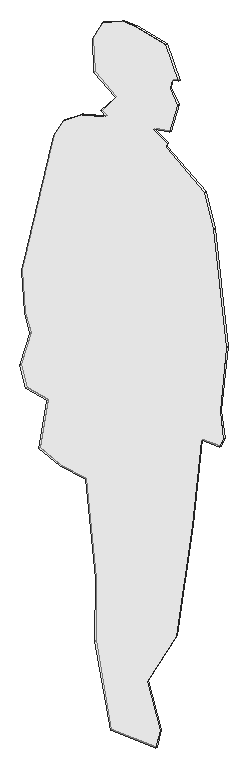
Revit family "ADSK_Антураж_Женщина_01", category Антураж, Revit 2019
Family settings
  На основе рабочей плоскости = Нет
  Всегда вертикально = Да
  При загрузке вырезать с полостями = Нет
  Источник визуального образа = Геометрия семейства
  Общий = Нет
  Точка расчета площади = Нет
Parameters (values of type "Тип")
  Высота = 0 mm
  Материал = Антураж
  ADSK_Версия семейства = "1.0"  # constant formula
  ADSK_Версия Revit = "v2019"  # constant formula
Reference planes
  plane 1 "Center (Front/Back)": y = 0
  plane 2: z = 0
  plane 3 "Center (Left/Right)": x = 0
  plane 4: z = 1600
Forms (mm)
  Extrusion 1, solid, material "Антураж" <- "Материал"
    sketch origin (0, 0, 0) x (1, 0, 0) y (0, 0, 1)
      loop
        line (-209.513, 1341.283) -> (-292.883, 996.435) -> (-285.304, 897.907) -> (-270.146, 856.222) -> (-296.672, 772.852) -> (-281.514, 723.588) -> (-225.821, 714.306) -> (-247.409, 594.744) -> (-190.565, 572.007) -> (-125.318, 564.03) -> (-99.616, 340.845) -> (-100.024, 194.889) -> (-60.293, 0) -> (59.106, 0) -> (70.913, 45.261) -> (36.807, 147.578) -> (113.164, 280.199) -> (154.426, 555.278) -> (178.971, 762.826) -> (226.372, 762.826) -> (232.163, 777.302) -> (237.953, 785.988) -> (228.558, 848.643) -> (245.232, 1004.014) -> (211.126, 1269.282) -> (187.962, 1348.04) -> (87.444, 1418.774) -> (89.86, 1428.442) -> (52.257, 1449.333) -> (96.303, 1456.674) -> (116.387, 1526.97) -> (97.44, 1561.076) -> (102.939, 1580.119) -> (120.177, 1583.813) -> (86.071, 1659.604) -> (6.491, 1674.762) -> (-27.615, 1674.762) -> (-80.669, 1652.025) -> (-107.195, 1606.55) -> (-103.406, 1526.97) -> (-46.563, 1489.075) -> (-84.458, 1443.6) -> (-70.996, 1435.523) -> (-133.722, 1417.074) -> (-182.986, 1386.757) -> (-209.513, 1341.283)
    from 0 to 5
Lines and regions (mm)
  model lines
    curve 1: line (0, 150, 0) -> (0, -150, 0)
    curve 2: line (-150, 0, 0) -> (150, 0, 0)
Dimensions and locks
  aligned and locked: level to plane 2
